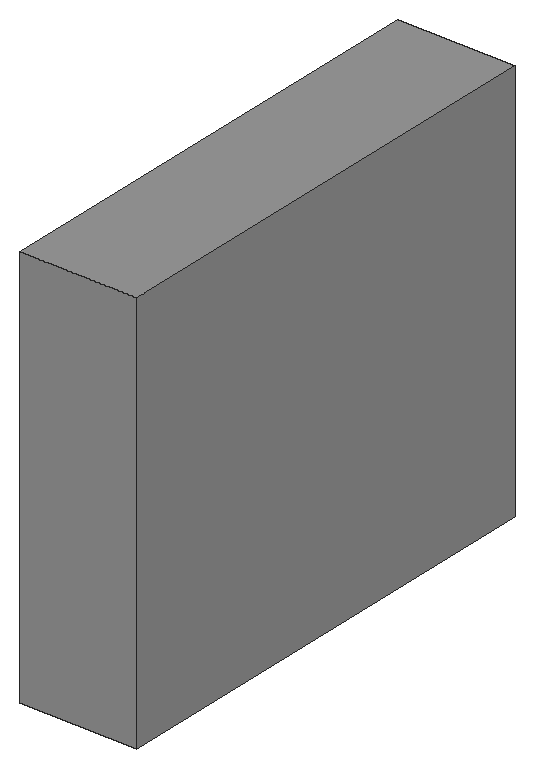
Revit family "PRE070014-FR", category Accessoire de canalisation, Revit 2017
Family settings
  Cote de connecteur circulaire = Utiliser le diamètre
  Type d'élément = Normal
  Basée sur le plan de construction = Non
  Toujours verticalement = Oui
  Couper avec des vides une fois chargée = Non
  Partagée = Non
Parameters (values of type "55391 PRESTO NOVA MITIGEUR BLACK CHROME PILE")
  Variantes = "55375-55377-55383-55385-55387-55391"
  LC = 15 mm
  Garantie = "3"
  URL Fabricant = "http://www.prestodatashare.com/centretelechargement/index.php?lang=FR&refs=55391"
  URL = "http://www.prestodatashare.com/centretelechargement/index.php?lang=FR&refs=55391"
  Lien notice d'utilisation = "http://www.prestodatashare.com/centretelechargement/support.php?lang=FR&ref=55391"
  Lien fiche produit = "http://www.prestodatashare.com/espacedoc/Fiches_Techniques/FR/55391.pdf"
  Reference = "55391"
  Pression = "1 à 5 bars"
  Polantis code = "PRE070014d"
  Perte de charge = 0.0 Pa
  Profondeur = 207 mm
  Modèle = "55391 PRESTO NOVA MITIGEUR BLACK CHROME PILE"
  Matériau = Laiton poli chromé
  Lien CCTP = "http://www.prestodatashare.com/centretelechargement/index.php?lang=FR&refs=55391"
  Largeur = 51 mm
  PC = 25 mm
  Hauteur = 177 mm
  Fonction = "Débit : 3 l/mn par limiteur de débit intégré, Aérateur anti-tartre haute qualité, Dispositif anti-coup de bélier\nAlimentation électrique : Pile lithium 6 volts type CRP2 dans boîtier intégré dans le corps du robinet\nMatière et couleur de finition : Corps et capot en métal moulé injecté avec finition black chrome\nRésistance thermique : Résiste à une température de 75°C durant 30 minutes dans le cadre de chocs thermiques\nSécurité : Limitation de la température maximale par butée réglable\n-Fermeture automatique de l'électrovanne en cas d'écoulement > à 30s, d'usure de la pile ou de dégradation du détecteur\n\nLivré avec :\n- 1 Ecrou de fixation\n- 1 Joint et 1 rondelle\n- 2 Flexibles PEX à écrou tournant avec Clapets anti-retour NF\n- 2 Robinets d'arrêt MM G 3/8'' (12x17)\n- 2 Joints filtre\n- 1 Autocollant de signalisation\n\nNormes / Agréments :\n- Laiton conforme aux normes NF EN1982, EN12164, NF EN12165\n- Résistant au brouillard salin 200 H (essai NSS) conformément à la norme NF ISO 9227"
  Flux = 0.1 L/s
  Finition = ""
  Fabricant = "LES ROBINETS PRESTO S.A."
  Diamètre Nominal = 12 mm
  Description = "Mitigeur à détection (CE) sur plage avec sélecteur de température latérale. De type Presto NOVA® réf. 55391 ou techniquement équivalent. Avec cellule optoélectronique, alimentation par pile lithium 6 V intégrée dans le robinet. Limitation de la température maximale par butée réglable, régulateur de débit intégré (3 l/min).Système antiblocage interdisant l'écoulement en continu. Avec flexibles PEX et robinets d’arrêt filtres. Finition corps chromé et capot BLACK CHROME."
  Debit = "3 l/mn"
  Raccordement = "G 3/8'' (12x17)"
  Adresse = "7, RUE RACINE - 92542 MONTROUGE CEDEX FRANCE"
Types (6, lengths in mm): name | URL Fabricant | URL | Lien notice d'utilisation | Lien fiche produit | Reference | Polantis code | Modèle | Lien CCTP | Fonction | Description | Debit
  55377 PRESTO NOVA MITIGEUR SECTEUR | "http://www.prestodatashare.com/centretelechargement/index.php?lang=FR&refs=55377" | "http://www.prestodatashare.com/centretelechargement/index.php?lang=FR&refs=55377" | "http://www.prestodatashare.com/centretelechargement/support.php?lang=FR&ref=55377" | "http://www.prestodatashare.com/espacedoc/Fiches_Techniques/FR/55377.pdf" | "55377" | "PRE070014e" | "55377 PRESTO NOVA MITIGEUR SECTEUR" | "http://www.prestodatashare.com/centretelechargement/index.php?lang=FR&refs=55377" | "Débit : 3 l/mn par limiteur de débit intégré, Aérateur anti-tartre haute qualité, Dispositif anti-coup de bélier\nAlimentation électrique :  secteur (transformateur 230/7 Volt déporté dans boîtier étanche IP65)\nMatière et couleur de finition : Corps et capot en métal moulé injecté avec finition chromée\nRésistance thermique : Résiste à une température de 75°C durant 30 minutes dans le cadre de chocs thermiques\nSécurité : Limitation de la température maximale par butée réglable\n-Fermeture automatique de l'électrovanne en cas d'écoulement > à 30s, d'usure de la pile ou de dégradation du détecteur\n\nLivré avec :\n- 1 Ecrou de fixation\n- 1 Joint et 1 rondelle\n- 2 Flexibles PEX à écrou tournant avec Clapets anti-retour NF\n- 2 Robinets d'arrêt MM G 3/8'' (12x17)\n- 2 Joints filtre\n- 1 Autocollant de signalisation\n\nNormes / Agréments :\n- Laiton conforme aux normes NF EN1982, EN12164, NF EN12165\n- Résistant au brouillard salin 200 H (essai NSS) conformément à la norme NF ISO 9227" | "Mitigeur à détection (CE) sur plage avec sélecteur de température latérale. De type Presto NOVA® réf. 55377 ou techniquement équivalent. Avec cellule optoélectronique, alimentation secteur (transformateur 230/7 Volt déporté dans boîtier étanche IP65). Limitation de la température maximale par butée réglable, régulateur de débit intégré (3 l/min).Système antiblocage interdisant l'écoulement en continu. Avec flexibles PEX et robinets d’arrêt filtres." | "3 l/mn"
  55391 PRESTO NOVA MITIGEUR BLACK CHROME PILE | "http://www.prestodatashare.com/centretelechargement/index.php?lang=FR&refs=55391" | "http://www.prestodatashare.com/centretelechargement/index.php?lang=FR&refs=55391" | "http://www.prestodatashare.com/centretelechargement/support.php?lang=FR&ref=55391" | "http://www.prestodatashare.com/espacedoc/Fiches_Techniques/FR/55391.pdf" | "55391" | "PRE070014d" | "55391 PRESTO NOVA MITIGEUR BLACK CHROME PILE" | "http://www.prestodatashare.com/centretelechargement/index.php?lang=FR&refs=55391" | "Débit : 3 l/mn par limiteur de débit intégré, Aérateur anti-tartre haute qualité, Dispositif anti-coup de bélier\nAlimentation électrique : Pile lithium 6 volts type CRP2 dans boîtier intégré dans le corps du robinet\nMatière et couleur de finition : Corps et capot en métal moulé injecté avec finition black chrome\nRésistance thermique : Résiste à une température de 75°C durant 30 minutes dans le cadre de chocs thermiques\nSécurité : Limitation de la température maximale par butée réglable\n-Fermeture automatique de l'électrovanne en cas d'écoulement > à 30s, d'usure de la pile ou de dégradation du détecteur\n\nLivré avec :\n- 1 Ecrou de fixation\n- 1 Joint et 1 rondelle\n- 2 Flexibles PEX à écrou tournant avec Clapets anti-retour NF\n- 2 Robinets d'arrêt MM G 3/8'' (12x17)\n- 2 Joints filtre\n- 1 Autocollant de signalisation\n\nNormes / Agréments :\n- Laiton conforme aux normes NF EN1982, EN12164, NF EN12165\n- Résistant au brouillard salin 200 H (essai NSS) conformément à la norme NF ISO 9227" | "Mitigeur à détection (CE) sur plage avec sélecteur de température latérale. De type Presto NOVA® réf. 55391 ou techniquement équivalent. Avec cellule optoélectronique, alimentation par pile lithium 6 V intégrée dans le robinet. Limitation de la température maximale par butée réglable, régulateur de débit intégré (3 l/min).Système antiblocage interdisant l'écoulement en continu. Avec flexibles PEX et robinets d’arrêt filtres. Finition corps chromé et capot BLACK CHROME." | "3 l/mn"
  55387 PRESTO NOVA MITIGEUR NOIR MAT PILE | "http://www.prestodatashare.com/centretelechargement/index.php?lang=FR&refs=55387" | "http://www.prestodatashare.com/centretelechargement/index.php?lang=FR&refs=55387" | "http://www.prestodatashare.com/centretelechargement/support.php?lang=FR&ref=55387" | "http://www.prestodatashare.com/espacedoc/Fiches_Techniques/FR/55387.pdf" | "55387" | "PRE070014c" | "55387 PRESTO NOVA MITIGEUR NOIR MAT PILE" | "http://www.prestodatashare.com/centretelechargement/index.php?lang=FR&refs=55387" | "Débit : 3 l/mn par limiteur de débit intégré, Aérateur anti-tartre haute qualité, Dispositif anti-coup de bélier\nAlimentation électrique : Pile lithium 6 volts type CRP2 dans boîtier intégré dans le corps du robinet\nMatière et couleur de finition : Corps et capot en métal moulé injecté avec finition noir mat\nRésistance thermique : Résiste à une température de 75°C durant 30 minutes dans le cadre de chocs thermiques\nSécurité : Limitation de la température maximale par butée réglable\n-Fermeture automatique de l'électrovanne en cas d'écoulement > à 30s, d'usure de la pile ou de dégradation du détecteur\n\nLivré avec :\n- 1 Ecrou de fixation\n- 1 Joint et 1 rondelle\n- 2 Flexibles PEX à écrou tournant avec Clapets anti-retour NF\n- 2 Robinets d'arrêt MM G 3/8'' (12x17)\n- 2 Joints filtre\n- 1 Autocollant de signalisation\n\nNormes / Agréments :\n- Laiton conforme aux normes NF EN1982, EN12164, NF EN12165\n- Résistant au brouillard salin 200 H (essai NSS) conformément à la norme NF ISO 9227" | "Mitigeur à détection (CE) sur plage avec sélecteur de température latérale. De type Presto NOVA® réf. 55387 ou techniquement équivalent. Avec cellule optoélectronique, alimentation par pile lithium 6 V intégrée dans le robinet. Limitation de la température maximale par butée réglable, régulateur de débit intégré (3 l/min).Système antiblocage interdisant l'écoulement en continu. Avec flexibles PEX et robinets d’arrêt filtres. Finition NOIR MAT." | "3 l/mn"
  55383 PRESTO NOVA MITIGEUR PILE PRESTOGREEN | "http://www.prestodatashare.com/centretelechargement/index.php?lang=FR&refs=55383" | "http://www.prestodatashare.com/centretelechargement/index.php?lang=FR&refs=55383" | "http://www.prestodatashare.com/centretelechargement/support.php?lang=FR&ref=55383" | "http://www.prestodatashare.com/espacedoc/Fiches_Techniques/FR/55383.pdf" | "55383" | "PRE070014a" | "55383 PRESTO NOVA MITIGEUR PILE PRESTOGREEN" | "http://www.prestodatashare.com/centretelechargement/index.php?lang=FR&refs=55383" | "Débit : 1,9 l/mn par limiteur de débit intégré, Aérateur anti-tartre haute qualité, Dispositif anti-coup de bélier\nAlimentation électrique : Pile lithium 6 volts type CRP2 dans boîtier intégré dans le corps du robinet\nMatière et couleur de finition : Corps et capot en métal moulé injecté avec finition chromée\nRésistance thermique : Résiste à une température de 75°C durant 30 minutes dans le cadre de chocs thermiques\nSécurité : Limitation de la température maximale par butée réglable\n-Fermeture automatique de l'électrovanne en cas d'écoulement > à 30s, d'usure de la pile ou de dégradation du détecteur\n\nLivré avec :\n- 1 Ecrou de fixation\n- 1 Joint et 1 rondelle\n- 2 Flexibles PEX à écrou tournant avec Clapets anti-retour NF\n- 2 Robinets d'arrêt MM G 3/8'' (12x17)\n- 2 Joints filtre\n- 1 Autocollant de signalisation\n\nNormes / Agréments :\n- Laiton conforme aux normes NF EN1982, EN12164, NF EN12165\n- Résistant au brouillard salin 200 H (essai NSS) conformément à la norme NF ISO 9227" | "Mitigeur à détection (CE) sur plage avec sélecteur de température latérale. De type Presto NOVA® réf. 55383 ou techniquement équivalent. Avec cellule optoélectronique, alimentation par pile lithium 6 V intégrée dans le robinet. Limitation de la température maximale par butée réglable, limiteur de débit intégré (1,9 l/mn). Système antiblocage interdisant l'écoulement en continu. Avec flexibles PEX et robinets d’arrêt filtres." | "1,9 l/mn"
  55375 PRESTO NOVA MITIGEUR PILE | "http://www.prestodatashare.com/centretelechargement/index.php?lang=FR&refs=55375" | "http://www.prestodatashare.com/centretelechargement/index.php?lang=FR&refs=55375" | "http://www.prestodatashare.com/centretelechargement/support.php?lang=FR&ref=55375" | "http://www.prestodatashare.com/espacedoc/Fiches_Techniques/FR/55375.pdf" | "55375" | "PRE070014" | "55375 PRESTO NOVA MITIGEUR PILE" | "http://www.prestodatashare.com/centretelechargement/index.php?lang=FR&refs=55375" | "Débit : 3 l/mn par limiteur de débit intégré, Aérateur anti-tartre haute qualité, Dispositif anti-coup de bélier\nAlimentation électrique : Pile lithium 6 volts type CRP2 dans boîtier intégré dans le corps du robinet\nMatière et couleur de finition : Corps et capot en métal moulé injecté avec finition chromée\nRésistance thermique : Résiste à une température de 75°C durant 30 minutes dans le cadre de chocs thermiques\nSécurité : Limitation de la température maximale par butée réglable\n-Fermeture automatique de l'électrovanne en cas d'écoulement > à 30s, d'usure de la pile ou de dégradation du détecteur\n\nLivré avec :\n- 1 Ecrou de fixation\n- 1 Joint et 1 rondelle\n- 2 Flexibles PEX à écrou tournant avec Clapets anti-retour NF\n- 2 Robinets d'arrêt MM G 3/8'' (12x17)\n- 2 Joints filtre\n- 1 Autocollant de signalisation\n\nNormes / Agréments :\n- Laiton conforme aux normes NF EN1982, EN12164, NF EN12165\n- Résistant au brouillard salin 200 H (essai NSS) conformément à la norme NF ISO 9227" | "Mitigeur à détection (CE) sur plage avec sélecteur de température latérale. De type Presto NOVA® réf. 55375 ou techniquement équivalent. Avec cellule optoélectronique, alimentation par pile lithium 6 V intégrée dans le robinet. Limitation de la température maximale par butée réglable, régulateur de débit intégré (3 l/min).Système antiblocage interdisant l'écoulement en continu. Avec flexibles PEX et robinets d’arrêt filtres." | "3 l/mn"
  55385 PRESTO NOVA MITIGEUR PILE SS RA | "http://www.prestodatashare.com/centretelechargement/index.php?lang=FR&refs=55385" | "http://www.prestodatashare.com/centretelechargement/index.php?lang=FR&refs=55385" | "http://www.prestodatashare.com/centretelechargement/support.php?lang=FR&ref=55385" | "http://www.prestodatashare.com/espacedoc/Fiches_Techniques/FR/55385.pdf" | "55385" | "PRE070014b" | "55385 PRESTO NOVA MITIGEUR PILE SS RA" | "http://www.prestodatashare.com/centretelechargement/index.php?lang=FR&refs=55385" | "Débit : 1,9 l/mn par limiteur de débit intégré, Aérateur anti-tartre haute qualité, Dispositif anti-coup de bélier\nAlimentation électrique : Pile lithium 6 volts type CRP2 dans boîtier intégré dans le corps du robinet\nMatière et couleur de finition : Corps et capot en métal moulé injecté avec finition chromée\nRésistance thermique : Résiste à une température de 75°C durant 30 minutes dans le cadre de chocs thermiques\nSécurité : Limitation de la température maximale par butée réglable\n-Fermeture automatique de l'électrovanne en cas d'écoulement > à 30s, d'usure de la pile ou de dégradation du détecteur\n\nLivré avec :\n- 1 Ecrou de fixation\n- 1 Joint et 1 rondelle\n- 2 Flexibles PEX à écrou tournant avec Clapets anti-retour NF\n- 2 Joints filtre\n- 1 Autocollant de signalisation\n\nNormes / Agréments :\n- Laiton conforme aux normes NF EN1982, EN12164, NF EN12165\n- Résistant au brouillard salin 200 H (essai NSS) conformément à la norme NF ISO 9227" | "Mitigeur à détection (CE) sur plage avec sélecteur de température latérale. De type Presto NOVA® réf. 55385 ou techniquement équivalent. Avec cellule optoélectronique, alimentation par pile lithium 6 V intégrée dans le robinet. Limitation de la température maximale par butée réglable, limiteur de débit intégré (1,9 l/mn). Système antiblocage interdisant l'écoulement en continu. Avec flexibles PEX." | "1,9 l/mn"
Reference planes
  plane 1 "Centre (avant/arrière)": y = 0
  plane 2: z = 0
  plane 3 "Centre (gauche/droite)": x = 0
  plane 4: y = -207
  plane 5: x = 51
  plane 6: z = 177
  plane 7: x = 25.5
  plane 8: z = 1
  plane 9: y = -25
  plane 10: x = 15
  plane 11: x = 36
Forms (mm)
  Extrusion 1, solid, material "Laiton poli chromé" <- "Matériau", detail levels fine
    sketch origin (0, 0, 0) x (1, 0, 0) y (0, 1, 0)
      loop
        line (0, 0) -> (0, -207) -> (51, -207) -> (51, 0) -> (0, 0)
    from 0 to 177
  Extrusion 2, solid, material "Laiton poli chromé" <- "Matériau", detail levels fine
    sketch origin (0, 0, 0) x (1, 0, 0) y (0, 1, 0)
      loop
        circle (15, -25) r 5
    from 0 to 1
  Extrusion 3, solid, material "Laiton poli chromé" <- "Matériau", detail levels fine
    sketch origin (0, 0, 0) x (1, 0, 0) y (0, 1, 0)
      loop
        circle (36, -25) r 5
    from 0 to 1
Cuts and joins
  joined: Extrusion 1, Extrusion 2, Extrusion 3
Dimensions and locks
  "Profondeur": plane 1 "Centre (avant/arrière)" to plane 4
  "Largeur": plane 3 "Centre (gauche/droite)" to plane 5
  "Hauteur": plane 6 to level
  equal spacing: plane 3 "Centre (gauche/droite)", plane 7, plane 5
  locked: plane 8 to plane 2 at 1
  "PC": plane 1 "Centre (avant/arrière)" to plane 9
  "LC": plane 3 "Centre (gauche/droite)" to plane 10
  "LC": plane 11 to plane 5
  aligned and locked: level to plane 2
  aligned and locked: plane 1 "Centre (avant/arrière)" to Extrusion 1 sketch curve
  aligned and locked: plane 3 "Centre (gauche/droite)" to Extrusion 1 sketch curve
  aligned and locked: plane 4 to Extrusion 1 sketch curve
  aligned and locked: plane 5 to Extrusion 1 sketch curve
  aligned and locked: plane 6 to Extrusion 1
  aligned and locked: plane 8 to Extrusion 2
  aligned and locked: plane 8 to Extrusion 3
  aligned and locked: nested 2 to plane 3 "Centre (gauche/droite)"
  aligned and locked: nested 2 to plane 4
Automatic sketch dimensions
  Extrusion 2 sketch curve to plane 9 = 0 mm
  Extrusion 2 sketch curve to plane 10 = 0 mm
  Extrusion 3 sketch curve to plane 9 = 0 mm
  Extrusion 3 sketch curve to plane 11 = 0 mm
  radius of Extrusion 2 sketch curve = 5 mm
  radius of Extrusion 3 sketch curve = 5 mm
Nested families
  nested 1: "SymboliqueA6" at (0, -25, 0) x (0, 1, 0) z (0, 0, 1), type "SymboliqueA6", detail levels coarse+medium
  nested 2: "S2DA6" at (51, -103.5, 0) x (0, 1, 0) z (0, 0, 1), type "S2DA6", detail levels coarse+medium
Connectors
  piping at (15, -25, 0), diameter 12, driven by "Diamètre Nominal", driven by "Flux", driven by "Perte de charge"
    settings: on Extrusion 2, index 3, connector inside diameter 609.6 mm, connector length 0 mm, flow factor 0, pipe flow 0.1 L/s, pressure drop 0.0 Pa, fitting loss kfactor 0, connector angle 0.00°, fixture units 0, engagement length 0 mm, angle of deflection 0.00°, flow configuration 0, flow direction 1, fitting loss method 4, system type 19, joint type 0, gender type 0, connector reference index -1, connector utility 0, adjustable connector no, is connector primary yes, connector description ""
  piping at (36, -25, 0), diameter 12, driven by "Flux", driven by "Perte de charge", driven by "Diamètre Nominal"
    settings: on Extrusion 3, index 4, connector inside diameter 609.6 mm, connector length 0 mm, flow factor 0, pipe flow 0.1 L/s, pressure drop 0.0 Pa, fitting loss kfactor 0, connector angle 0.00°, fixture units 0, engagement length 0 mm, angle of deflection 0.00°, flow configuration 0, flow direction 1, fitting loss method 4, system type 20, joint type 0, gender type 0, connector reference index -1, connector utility 0, adjustable connector no, is connector primary no, connector description ""
Definition of nested family "SymboliqueA6"
  Parameters (values of type "SymboliqueA6")
    V = yes
    P = 1000 mm
    L = 1000 mm
    H = 1000 mm
  Reference planes
    plane 1 "Centre (avant/arrière)": y = 0
    plane 2: z = 0
    plane 3 "Centre (gauche/droite)": x = 0
    plane 4: y = -1000
    plane 5: x = -500
    plane 6: x = 500
    plane 7: z = 1000
    plane 8: z = 500
    plane 9: y = -500
  Lines and regions (mm)
    model lines
      curve 1: line (0, -1000, 1000) -> (0, 0, 0)
      curve 2: line (0, 0, 0) -> (0, -1000, 0)
      curve 3: line (0, -1000, 0) -> (0, 0, 1000)
      curve 4: line (0, 0, 1000) -> (0, -1000, 1000)
  Dimensions and locks
    "H": plane 7 to plane 2
    equal spacing: plane 5, plane 3 "Centre (gauche/droite)", plane 6
    "L": plane 5 to plane 6
    equal spacing: plane 7, plane 8, level
    equal spacing: plane 4, plane 9, plane 1 "Centre (avant/arrière)"
    "P": plane 1 "Centre (avant/arrière)" to plane 4
    aligned and locked: level to plane 2
  Automatic sketch dimensions
    curve 3 to level = 0 mm
    curve 1 to plane 1 "Centre (avant/arrière)" = 0 mm
    curve 1 to plane 7 = 0 mm
    curve 3 to plane 4 = 0 mm
    curve 3 to plane 1 "Centre (avant/arrière)" = 0 mm
    curve 4 to plane 4 = 0 mm
Definition of nested family "S2DA6"
  Parameters (values of type "S2DA6")
    P = 788.322 mm
    L = 1600 mm
    H = 1250.021 mm
  Reference planes
    plane 1 "Centre (avant/arrière)": y = 0
    plane 2: z = 0
    plane 3 "Centre (gauche/droite)": x = 0
    plane 4: y = 788.322
    plane 5: x = -800
    plane 6: x = 800
    plane 7: y = 394.161
    plane 8: z = 1250.021
    plane 9: z = 625.01
  Lines and regions (mm)
    symbolic lines
      curve 1: line (-800, 788.322, 0) -> (800, 0, 0)
      curve 2: line (800, 0, 0) -> (800, 788.322, 0)
      curve 3: line (800, 788.322, 0) -> (-800, 0, 0)
      curve 4: line (-800, 0, 0) -> (-800, 788.322, 0)
      curve 5: line (800, 0, 1250.021) -> (-800, 0, 1250.021)
      curve 6: line (-800, 0, 1250.021) -> (800, 0, 0)
      curve 7: line (800, 0, 0) -> (-800, 0, 0)
      curve 8: line (800, 0, 1250.021) -> (-800, 0, 0)
      curve 9: line (0, 788.322, 0) -> (0, 0, 1250.021)
      curve 10: line (0, 0, 1250.021) -> (0, 788.322, 1250.021)
      curve 11: line (0, 788.322, 1250.021) -> (0, 0, 0)
      curve 12: line (0, 0, 0) -> (0, 788.322, 0)
  Dimensions and locks
    equal spacing: plane 5, plane 3 "Centre (gauche/droite)", plane 6
    equal spacing: plane 1 "Centre (avant/arrière)", plane 7, plane 4
    "P": plane 1 "Centre (avant/arrière)" to plane 4
    "L": plane 5 to plane 6
    equal spacing: plane 8, plane 9, level
    "H": plane 8 to plane 2
    aligned and locked: level to plane 2
  Automatic sketch dimensions
    plane 1 "Centre (avant/arrière)" to curve 3 = 0 mm
    curve 1 to plane 4 = 0 mm
    curve 3 to plane 4 = 0 mm
    plane 1 "Centre (avant/arrière)" to curve 2 = 0 mm
    curve 3 to plane 6 = 0 mm
    curve 4 to plane 5 = 0 mm
    curve 10 to plane 1 "Centre (avant/arrière)" = 0 mm
    curve 10 to plane 8 = 0 mm
    curve 11 to plane 4 = 0 mm
    curve 12 to level = 0 mm
    curve 12 to plane 1 "Centre (avant/arrière)" = 0 mm
    curve 12 to plane 4 = 0 mm
    plane 5 to curve 5 = 0 mm
    curve 8 to level = 0 mm
    plane 5 to curve 8 = 0 mm
    plane 6 to curve 7 = 0 mm
    plane 6 to curve 8 = 0 mm
    curve 6 to plane 8 = 0 mm
